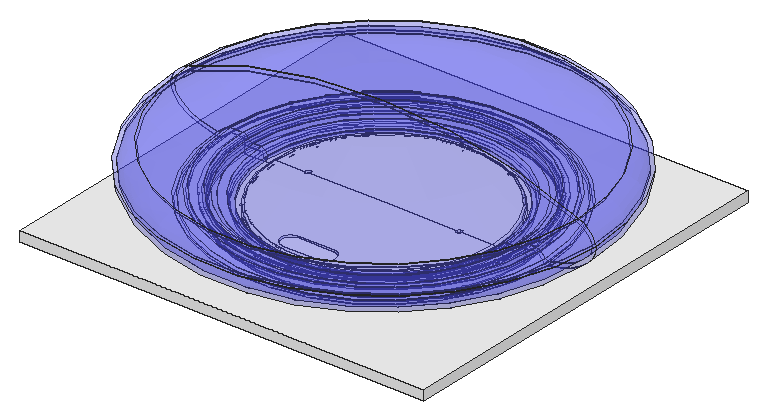
Revit family "BE_23414P_de_DE", category Leuchten, Revit 2020
Family settings
  Basisbauteil = Fläche
  Bemaßung runder Anschluss = Durchmesser verwenden
  Teiletyp = Normal
  Beim Laden mit Abzugskörper schneiden = Ja
  Lichtquelle = Ja
  Gemeinsam genutzt = Nein
  Raumberechnungspunkt = Ja
Parameters (values of type "BEGA_23414P_K3")
  built-in parameter 1150104 = 12.626 (stored number, unit not read)
  Wattage = 17.4 W
  Default Elevation = 0 mm
  built-in parameter 1150113 = 1 (stored number, unit not read)
  built-in parameter 1114218 = 1 (stored number, unit not read)
  Umgebungstemperatur = "25 °C"
  URL = "http://www.bega.de/de/produkt/23414P"
  Typenkommentare = "© 2022 BEGA. Wir behalten uns das Recht vor, technische Änderungen ohne vorherige Ankündigung vorzunehmen."  # constant formula
  built-in parameter 1150134 = 12
  built-in parameter 1150109 = 1 (stored number, unit not read)
  Strom = ""
  built-in parameter 1150110 = 1 (stored number, unit not read)
  Spannung = 239.996 V
  Sonderanfertigung = no
  Seriennummer [instance] = "Hier können Sie die eindeutige Seriennummer für das Facility Management eintragen."
  Schutzklasse = "I"
  Schutzart = "IP 20"
  Scheinlast = 0 VA
  Produktdatenblatt = "http://www.bega.de/download/Xrfa/db/23414P.db.de.pdf"
  Oberflächentemperatur = ""
  Neigungswinkel = 0.00°
  Model = "23414PK4"
  Material_17 = BEGA_Reflektor
  Material_15 = BEGA_Leuchtmedium_matt
  Material_14 = BEGA_Kunststoff_opal
  Material_11 = BEGA_Glas_opal
  Material_09 = BEGA_Glas_klar
  Material_06 = BEGA_Oberfläche_Edelstahl_gebürstet
  Material_05 = BEGA_Oberfläche_Aluminium Guss
  Material_03 = BEGA_Oberfläche_Weiss_matt
  Material_02 = BEGA_Oberfläche_Silber_matt
  Material_01 [instance] = BEGA_Oberfläche_Grafit_matt
  M_W = no
  M_G = no
  M_A = no
  Logo = 0
  built-in parameter 1114217 = 1 (stored number, unit not read)
  built-in parameter 1150139 = (empty or 0)
  built-in parameter 1150105 = 668.16 (stored number, unit not read)
  built-in parameter 1150114 = 1 (stored number, unit not read)
  Lumens = 2364.66 lm
  built-in parameter 1150115 = 1 (stored number, unit not read)
  Leuchtenlichtstrom = "1899 lm"
  Leuchtenanzahl = ""
  Lebensdauerkriterien = "L70B50 @ 25 °C = 325000 h"
  Lastklassifizierung = Beleuchtung
  built-in parameter 1150112 = 1 (stored number, unit not read)
  Lampenlichtstrom = "2230 lm"
  Lamp = "LED 17.4 W"
  LED_Modulbezeichnung = "LED-0530/940"
  built-in parameter 1150142 = (empty or 0)
  Hersteller = "BEGA"  # constant formula
  Halbstreuwinkel = ""
  Gewicht = "3.3 kg"
  Gebrauchslageneinschränkung [instance] = ""
  Frequenz = "0/50-60 Hz"
  Farbwiedergabeindex = "CRI > 90"
  Farbtemperaturverschiebung bei Dämpfen der Lampe = <Keine Auswahl>
  Farbtemperatur = "4000 K"
  Color Filter = 16777215
  built-in parameter 1150133 = 10 (stored number, unit not read)
  Energieeffizienzklasse = "LED A++ - A"
  built-in parameter 1150137 = (empty or 0)
  built-in parameter 1150132 = (empty or 0)
  ENEC = "ja"
  Dimmbar [instance] = ""
  Photometric Web File = "BE_23414PK4.IES"
  CE_Konformität = "ja"
  Bestellnummer = "23414PK4"
  Beschreibung_Sonderanfertigung = "Hier können Sie Informationen zur Sonderanfertigung eintragen."
  Beschreibung = "Decken- und Wandleuchte"
  built-in parameter 1150106 = 6.6816 (stored number, unit not read)
  Befestigungsbohrung = "Ø 5,5 mm"
  Befestigungsabstand = "185 mm"
  Ballwurfsicher = ""
  BEGA_Intern_aus = yes
  BEGA_Intern_an = yes
  BEGA_Intern_Konstruktion = yes
  BEGA_Intern = yes
  BEGA_IES = yes
  BEGA_Dummy = no
  Anschlussleitung = ""
  Anschlussleistung [instance] = "20 W"
  Anschlusskasten = ""
  built-in parameter 1150107 = 4000 (stored number, unit not read)
  built-in parameter 1150102 = (empty or 0)
  built-in parameter 1150138 = (empty or 0)
  Aktualisierung = "2019-07-05T04:00:16"
  Abstand_zur_angestrahlten_Fläche [instance] = ""
  AC/DC = "AC/DC"
Reference planes
  plane 1 "Mitte (Vorne/Hinten)": y = 0
  plane 2: z = 0
  plane 3 "Mitte (Links/Rechts)": x = 0
  plane 4 "Links": x = -210.215
  plane 5 "Rechts": x = 210.215
  plane 6 "Unten": y = -210.2
  plane 7 "Oben": y = 210.2
  plane 8 "Vorne": z = 97.74
  plane 9 "Hinten": z = 0
Forms (mm)
  Extrusion 1, solid, material "BEGA_Platte_Weiss"
    sketch origin (0, -1119.2, 0) x (1, 0, 0) y (0, 1, 0)
      loop
        line (-200, 1319.2) -> (-200, 919.2) -> (200, 919.2) -> (200, 1319.2) -> (-200, 1319.2)
    from 0 to -10
  Extrusion 2, solid, material "BEGA_Dummy_matt", visible <- "BEGA_Dummy"
    sketch origin (77.149, -76.023, 0) x (1, 0, 0) y (0, 1, 0)
      loop
        circle (-77.149, 76.023) r 210
    from 0 to 97.74
Dimensions and locks
  plane 1 "Mitte (Vorne/Hinten)" to Extrusion 1 = 200 mm
  aligned and locked: plane 2 to Extrusion 1
  aligned and locked: level to Extrusion 1
Nested families
  nested 1: "BE_23414P" at (0, 0, 0), type "BE_23414P"
Connectors
  electrical at (0, 0, 0), driven by "Lastklassifizierung", driven by "Spannung", driven by "Scheinlast"
    settings: index 1, voltage 239.996 V, apparent load 0 VA, apparent load phase1 0 VA, apparent load phase2 0 VA, apparent load phase3 0 VA, power factor 1, load classification "Beleuchtung", number of poles 1, system type 31, power factor state 1, is connector primary yes, connector utility no, sub classification motor no, connector description ""
Definition of nested family "BE_23414P"
  Parameters (values of type "BE_23414P")
    Default Elevation = 1 mm
    URL = "http://www.bega.de/de/produkt"
    Type Comments = "© 2015 BEGA. Wir behalten uns das Recht vor, technische Änderungen ohne vorherige Ankündigung vorzunehmen. "  # constant formula
    Type Image = (empty or 0)
    Neigungswinkel_um_Z2 = 0.00°
    Neigungswinkel_um_Z1 = 0.00°
    Neigungswinkel_um_Y2 = 0.00°
    Neigungswinkel_um_Y1 = 0.00°
    Neigungswinkel_um_X2 = 0.00°
    Neigungswinkel_um_X1 = 0.00°
    Material_17 = none
    Material_15 = none
    Material_14 = none
    Material_11 = none
    Material_09 = none
    Material_06 = none
    Material_05 = none
    Material_03 = none
    Material_02 = none
    Material_01 = none
    M_W = yes
    M_G = yes
    M_A = yes
    Länge_Platte = 500 mm  # constant formula
    Höhe_Platte = -10 mm  # constant formula
    Manufacturer = "BEGA"  # constant formula
    Drehwinkel_um_Z2 = 0.00°
    Drehwinkel_um_Z1 = 0.00°
    Breite_Platte = 500 mm  # constant formula
  Reference planes
    plane 1 "Mitte (Oben/Unten)": y = 0
    plane 2: z = 0
    plane 3 "Mitte (Links/Rechts)": x = 0
    plane 4: x = -210.215
    plane 5: z = 97.74
    plane 6: x = 210.215
    plane 7: y = -210.2
    plane 8: y = 210.2
  Forms (mm)
    Extrusion 1, solid, detail levels medium
      sketch origin (0, 0, 0) x (1, 0, 0) y (0, 1, 0)
        loop
          line (-250, 250) -> (-250, -250) -> (250, -250) -> (250, 250) -> (-250, 250)
      from 0 to -10 <- "Höhe_Platte"
    Revolve 2, solid, material <- "Material_03", detail levels medium+fine
      sketch origin (0, 0, 0) x (1, 0, 0) y (0, 0, 1)
        loop
          arc (-139.675, 3.433) -> (-139.066, 2.062) -> (-137.676, 1.5) r 2
          line (-137.676, 1.5) -> (-110.724, 1.5)
          arc (-110.724, 1.5) -> (-109.334, 2.062) -> (-108.725, 3.433) r 2
          line (-108.725, 3.433) -> (-108.652, 5.534)
          arc (-108.652, 5.534) -> (-108.352, 6.215) -> (-107.665, 6.5) r 1
          line (-107.665, 6.5) -> (0, 6.5) -> (0, 7.75) -> (-107.894, 7.75)
          arc (-107.894, 7.75) -> (-109.284, 7.188) -> (-109.893, 5.817) r 2
          line (-109.893, 5.817) -> (-109.966, 3.713)
          arc (-109.966, 3.713) -> (-110.272, 3.03) -> (-110.966, 2.75) r 1
          line (-110.966, 2.75) -> (-137.434, 2.75)
          arc (-137.434, 2.75) -> (-138.129, 3.031) -> (-138.434, 3.716) r 1
          line (-138.434, 3.716) -> (-138.813, 14.567)
          arc (-138.813, 14.567) -> (-139.415, 15.932) -> (-140.794, 16.5) r 2
          line (-140.794, 16.5) -> (-144, 16.5) -> (-143.976, 15.25) -> (-140.811, 15.25)
          arc (-140.811, 15.25) -> (-140.291, 15.04) -> (-140.062, 14.526) r 0.75
          line (-140.062, 14.526) -> (-139.675, 3.433)
        axis (0, 1.5) -> (0, 16.5)
      angle from 0 to 360
    Revolve 3, solid, material <- "Material_03", detail levels medium+fine
      sketch origin (58.505, 36.446, 0) x (0.573577, -0.819152, 0) y (0, 0, 1)
        loop
          arc (-108.84, 2.037) -> (-105.568, 0.52) -> (-102, 0) r 12.498
          line (-102, 0) -> (-102, 2.037) -> (-108.84, 2.037)
        axis (-102, 0) -> (-102, 2.037)
      angle from 0 to 360
    Extrusion 4, void
      sketch origin (0, 0, 0) x (1, 0, 0) y (0, 1, 0)
        loop
          line (17, -83) -> (-17, -83)
          arc (-17, -83) -> (-27, -93) -> (-17, -103) r 10
          line (-17, -103) -> (17, -103)
          arc (17, -103) -> (27, -93) -> (17, -83) r 10
        loop
          circle (75, 0) r 2.75
        loop
          circle (-75, 0) r 2.75
      from 0 to 10
    Revolve 5, solid, material <- "Material_14", detail levels medium+fine
      sketch origin (0, 0, 0) x (1, 0, 0) y (0, 0, 1)
        loop
          spline (0, 97.74) -> (-16.977, 97.476) -> (-33.914, 96.685) -> (-50.773, 95.367) -> (-67.514, 93.528) -> (-84.099, 91.17) -> (-100.489, 88.3) -> (-116.646, 84.923) -> (-132.533, 81.048) -> (-148.112, 76.683) -> (-163.349, 71.839) -> (-178.207, 66.528) -> (-192.652, 60.76)
          spline (-192.652, 60.76) -> (-195.132, 59.634) -> (-197.461, 58.406) -> (-199.626, 57.083) -> (-201.618, 55.673) -> (-203.424, 54.183) -> (-205.035, 52.621) -> (-206.443, 50.994) -> (-207.641, 49.312) -> (-208.621, 47.584) -> (-209.38, 45.818) -> (-209.912, 44.024) -> (-210.215, 42.211)
          spline (-210.215, 42.211) -> (-210.188, 38.414) -> (-209.323, 34.644) -> (-207.632, 30.95) -> (-205.135, 27.379) -> (-201.867, 23.977) -> (-197.867, 20.789) -> (-193.19, 17.856) -> (-187.893, 15.215) -> (-182.047, 12.901) -> (-175.727, 10.943) -> (-169.014, 9.367) -> (-161.994, 8.193)
          arc (-161.994, 8.193) -> (-160.626, 8.319) -> (-159.458, 9.042) r 3
          line (-159.458, 9.042) -> (-152.885, 15.615)
          arc (-152.885, 15.615) -> (-151.912, 16.269) -> (-150.763, 16.5) r 3
          line (-150.763, 16.5) -> (-138.5, 16.5)
          arc (-138.5, 16.5) -> (-137.439, 16.061) -> (-137, 15) r 1.5
          line (-137, 15) -> (-137, 11.5)
          arc (-137, 11.5) -> (-136.561, 10.439) -> (-135.5, 10) r 1.5
          line (-135.5, 10) -> (-120.5, 10)
          arc (-120.5, 10) -> (-119.439, 9.561) -> (-119, 8.5) r 1.5
          line (-119, 8.5) -> (-119, 4.5) -> (-115, 4.5) -> (-115, 8.172)
          arc (-115, 8.172) -> (-116.816, 12.303) -> (-120.998, 14) r 6
          line (-120.998, 14) -> (-128.97, 14)
          arc (-128.97, 14) -> (-131.686, 14.806) -> (-133.527, 16.959) r 5
          arc (-133.527, 16.959) -> (-135.741, 19.538) -> (-139, 20.5) r 6
          line (-139, 20.5) -> (-151.596, 20.5)
          arc (-151.596, 20.5) -> (-153.51, 20.115) -> (-155.13, 19.027) r 5
          line (-155.13, 19.027) -> (-160.14, 14.016)
          arc (-160.14, 14.016) -> (-161.765, 12.927) -> (-163.684, 12.544) r 5
          spline (-163.684, 12.544) -> (-170.174, 13.748) -> (-176.352, 15.313) -> (-182.13, 17.213) -> (-187.422, 19.419) -> (-192.159, 21.886) -> (-196.273, 24.562) -> (-199.703, 27.395) -> (-202.414, 30.315) -> (-204.396, 33.254) -> (-205.665, 36.154) -> (-206.267, 38.995) -> (-206.237, 41.8)
          spline (-206.237, 41.8) -> (-206.016, 43.122) -> (-205.62, 44.455) -> (-205.04, 45.802) -> (-204.268, 47.16) -> (-203.3, 48.52) -> (-202.13, 49.87) -> (-200.759, 51.2) -> (-199.189, 52.494) -> (-197.429, 53.741) -> (-195.487, 54.927) -> (-193.372, 56.041) -> (-191.1, 57.074)
          spline (-191.1, 57.074) -> (-176.778, 62.792) -> (-162.045, 68.058) -> (-146.934, 72.86) -> (-131.482, 77.188) -> (-115.724, 81.03) -> (-99.696, 84.379) -> (-83.437, 87.225) -> (-66.983, 89.563) -> (-50.374, 91.387) -> (-33.648, 92.693) -> (-16.843, 93.478) -> (0, 93.74)
          line (0, 93.74) -> (0, 97.74)
        axis (0, 97.74) -> (0, 4.5)
      angle from 0 to 360
    Revolve 6, solid, material <- "Material_03", detail levels medium+fine
      sketch origin (36.446, -58.505, 0) x (-0.819152, -0.573577, 0) y (0, 0, 1)
        loop
          arc (-108.84, 2.037) -> (-105.568, 0.52) -> (-102, 0) r 12.498
          line (-102, 0) -> (-102, 2.037) -> (-108.84, 2.037)
        axis (-102, 0) -> (-102, 2.037)
      angle from 0 to 360
    Revolve 7, solid, material <- "Material_03", detail levels medium+fine
      sketch origin (-36.446, 58.505, 0) x (0.819152, 0.573577, 0) y (0, 0, 1)
        loop
          arc (-108.84, 2.037) -> (-105.568, 0.52) -> (-102, 0) r 12.498
          line (-102, 0) -> (-102, 2.037) -> (-108.84, 2.037)
        axis (-102, 0) -> (-102, 2.037)
      angle from 0 to 360
    Revolve 8, solid, material <- "Material_03", detail levels medium+fine
      sketch origin (-58.505, -36.446, 0) x (-0.573577, 0.819152, 0) y (0, 0, 1)
        loop
          arc (-108.84, 2.037) -> (-105.568, 0.52) -> (-102, 0) r 12.498
          line (-102, 0) -> (-102, 2.037) -> (-108.84, 2.037)
        axis (-102, 0) -> (-102, 2.037)
      angle from 0 to 360
  Cuts and joins
    Extrusion 4 cuts Revolve 2
    joined: Revolve 2, Revolve 3, Revolve 6, Revolve 7, Revolve 8
  Dimensions and locks
    equal spacing: Extrusion 1 sketch curve, plane 3 "Mitte (Links/Rechts)", Extrusion 1 sketch curve
    equal spacing: Extrusion 1 sketch curve, plane 1 "Mitte (Oben/Unten)", Extrusion 1 sketch curve
    "Länge_Platte": Extrusion 1 sketch curve to Extrusion 1 sketch curve
    "Breite_Platte": Extrusion 1 sketch curve to Extrusion 1 sketch curve
    aligned and locked: Extrusion 1 to plane 2
    aligned and locked: level to Extrusion 1
  Automatic sketch dimensions
    Revolve 2 sketch curve to plane 3 "Mitte (Links/Rechts)" = 0 mm  (x2)
    level to Revolve 2 sketch curve = 2.75 mm
    Revolve 2 sketch curve to Revolve 2 sketch curve = 0.241 mm  (x3)
    level to Revolve 2 sketch curve = 3.716 mm
    Revolve 2 sketch curve to Revolve 2 sketch curve = 0.758 mm
    level to Revolve 2 sketch curve = 14.567 mm
    Revolve 2 sketch curve to Revolve 2 sketch curve = 0.379 mm
    level to Revolve 2 sketch curve = 3.433 mm  (x2)
    Revolve 2 sketch curve to Revolve 2 sketch curve = 1.241 mm  (x2)
    level to Revolve 2 sketch curve = 14.526 mm
    Revolve 2 sketch curve to Revolve 2 sketch curve = 1.249 mm
    Revolve 2 sketch curve to Revolve 2 sketch curve = 0.732 mm
    Revolve 2 sketch curve to Revolve 2 sketch curve = 0.749 mm
    Revolve 2 sketch curve to Revolve 2 sketch curve = 0 mm  (x3)
    Revolve 2 sketch curve to Revolve 2 sketch curve = 3.165 mm
    level to Revolve 2 sketch curve = 1.5 mm
    Revolve 2 sketch curve to Revolve 2 sketch curve = 0.026 mm
    Revolve 2 sketch curve to Revolve 2 sketch curve = 1.347 mm
    Revolve 2 sketch curve to Revolve 2 sketch curve = 1.25 mm
    Revolve 2 sketch curve to Revolve 2 sketch curve = 0.23 mm  (x2)
    Revolve 2 sketch curve to Revolve 2 sketch curve = 26.71 mm
    level to Revolve 2 sketch curve = 5.534 mm
    Revolve 2 sketch curve to Revolve 2 sketch curve = 0.988 mm
    Revolve 2 sketch curve to Revolve 2 sketch curve = 0.034 mm
    Revolve 2 sketch curve to Revolve 2 sketch curve = 0.073 mm
    Revolve 2 sketch curve to Revolve 2 sketch curve = 0.012 mm
    level to Revolve 2 sketch curve = 5.817 mm
    Revolve 2 sketch curve to Revolve 2 sketch curve = 2.228 mm
    Revolve 2 sketch curve to Revolve 2 sketch curve = 0.25 mm  (x2)
    level to Revolve 2 sketch curve = 3.713 mm
    Revolve 2 sketch curve to Revolve 2 sketch curve = 0.999 mm
    Revolve 2 sketch curve to Revolve 2 sketch curve = 0.024 mm
    Revolve 3 sketch curve to Revolve 3 sketch curve = 6.839 mm
    Revolve 3 sketch curve to Revolve 3 sketch curve = 6.84 mm
    Revolve 3 sketch curve to Revolve 3 sketch curve = 0 mm
    Revolve 3 sketch curve to Revolve 3 sketch curve = 0.59 mm
    Revolve 3 sketch curve to Revolve 3 sketch curve = 1.463 mm
    Revolve 3 sketch curve to Revolve 3 sketch curve = 2.037 mm
    Revolve 5 sketch curve to Revolve 5 sketch curve = 0 mm  (x20)
    Revolve 5 sketch curve to Revolve 5 sketch curve = 2.105 mm
    Revolve 5 sketch curve to Revolve 5 sketch curve = 1.438 mm
    Revolve 5 sketch curve to Revolve 5 sketch curve = 5.01 mm
    Revolve 5 sketch curve to Revolve 5 sketch curve = 2.245 mm
    Revolve 5 sketch curve to Revolve 5 sketch curve = 3.534 mm
    Revolve 5 sketch curve to Revolve 5 sketch curve = 1.299 mm
    Revolve 5 sketch curve to Revolve 5 sketch curve = 0.822 mm
    Revolve 5 sketch curve to Revolve 5 sketch curve = 0.828 mm
    Revolve 5 sketch curve to Revolve 5 sketch curve = 11.763 mm
    Revolve 5 sketch curve to Revolve 5 sketch curve = 0.5 mm  (x3)
    Revolve 5 sketch curve to Revolve 5 sketch curve = 3.5 mm  (x2)
    Revolve 5 sketch curve to Revolve 5 sketch curve = 6.53 mm
    Revolve 5 sketch curve to Revolve 5 sketch curve = 0.007 mm
    Revolve 5 sketch curve to Revolve 5 sketch curve = 7.972 mm
    Revolve 5 sketch curve to Revolve 5 sketch curve = 0.498 mm
    Revolve 5 sketch curve to Revolve 5 sketch curve = 1.998 mm
    Revolve 5 sketch curve to Revolve 5 sketch curve = 4 mm  (x2)
    Revolve 5 sketch curve to plane 3 "Mitte (Links/Rechts)" = 0 mm
    level to Revolve 5 sketch curve = 4.5 mm
    Revolve 5 sketch curve to Revolve 5 sketch curve = 3.672 mm
    level to Revolve 5 sketch curve = 11.164 mm
    Revolve 5 sketch curve to Revolve 5 sketch curve = 2.5 mm
    Revolve 5 sketch curve to Revolve 5 sketch curve = 1.38 mm
    Revolve 5 sketch curve to Revolve 5 sketch curve = 2.336 mm
    Revolve 5 sketch curve to Revolve 5 sketch curve = 2.853 mm
    Revolve 5 sketch curve to Revolve 5 sketch curve = 3 mm
    Revolve 5 sketch curve to Revolve 5 sketch curve = 2 mm
    Revolve 5 sketch curve to Revolve 5 sketch curve = 0.115 mm
    Revolve 5 sketch curve to Revolve 5 sketch curve = 5 mm
    Revolve 5 sketch curve to Revolve 5 sketch curve = 3.412 mm
    level to Revolve 5 sketch curve = 41.8 mm
    Revolve 5 sketch curve to Revolve 5 sketch curve = 15.274 mm
    Revolve 5 sketch curve to Revolve 5 sketch curve = 3.979 mm
    Revolve 5 sketch curve to Revolve 5 sketch curve = 0.076 mm
    Revolve 5 sketch curve to Revolve 5 sketch curve = 0.015 mm
    Revolve 5 sketch curve to level = 131.225 mm
    Revolve 5 sketch curve to Revolve 5 sketch curve = 138.928 mm
    Revolve 5 sketch curve to Revolve 5 sketch curve = 3.547 mm
    Revolve 5 sketch curve to Revolve 5 sketch curve = 1.552 mm
    Revolve 5 sketch curve to Revolve 5 sketch curve = 0.415 mm
    Revolve 5 sketch curve to Revolve 5 sketch curve = 2.537 mm
    Revolve 5 sketch curve to Revolve 5 sketch curve = 6.295 mm
    Revolve 5 sketch curve to Revolve 5 sketch curve = 1.5 mm  (x2)
    Revolve 5 sketch curve to plane 3 "Mitte (Links/Rechts)" = 0.001 mm
    Revolve 5 sketch curve to Revolve 5 sketch curve = 0.969 mm
    Revolve 5 sketch curve to Revolve 5 sketch curve = 2.971 mm
    Revolve 5 sketch curve to Revolve 5 sketch curve = 1.39 mm
    Revolve 2 sketch curve to plane 3 "Mitte (Links/Rechts)" = 107.653 mm
    Revolve 5 sketch curve to plane 3 "Mitte (Links/Rechts)" = 115 mm
    Revolve 5 sketch curve to Revolve 5 sketch curve = 27.416 mm
    Revolve 5 sketch curve to Revolve 5 sketch curve = 15.137 mm
    Revolve 5 sketch curve to Revolve 5 sketch curve = 21.292 mm
    level to Revolve 5 sketch curve = 93.74 mm
    Revolve 5 sketch curve to Revolve 5 sketch curve = 17.139 mm
    plane 1 "Mitte (Oben/Unten)" to Extrusion 4 sketch curve = 0 mm  (x2)
    Extrusion 4 sketch curve to plane 3 "Mitte (Links/Rechts)" = 75 mm
    Extrusion 4 sketch curve to plane 3 "Mitte (Links/Rechts)" = 17 mm
    plane 3 "Mitte (Links/Rechts)" to Extrusion 4 sketch curve = 17 mm
    plane 3 "Mitte (Links/Rechts)" to Extrusion 4 sketch curve = 75 mm
    plane 1 "Mitte (Oben/Unten)" to Extrusion 4 sketch curve = 83 mm
    Extrusion 4 sketch curve to Extrusion 4 sketch curve = 10 mm
    Revolve 6 sketch curve to Revolve 6 sketch curve = 6.839 mm
    Revolve 6 sketch curve to Revolve 6 sketch curve = 6.84 mm
    Revolve 6 sketch curve to Revolve 6 sketch curve = 0 mm
    Revolve 6 sketch curve to Revolve 6 sketch curve = 0.59 mm
    Revolve 6 sketch curve to Revolve 6 sketch curve = 1.463 mm
    Revolve 6 sketch curve to Revolve 6 sketch curve = 2.037 mm
    Revolve 7 sketch curve to Revolve 7 sketch curve = 6.839 mm
    Revolve 7 sketch curve to Revolve 7 sketch curve = 6.84 mm
    Revolve 7 sketch curve to Revolve 7 sketch curve = 0 mm
    Revolve 7 sketch curve to Revolve 7 sketch curve = 0.59 mm
    Revolve 7 sketch curve to Revolve 7 sketch curve = 1.463 mm
    Revolve 7 sketch curve to Revolve 7 sketch curve = 2.037 mm
    Revolve 8 sketch curve to Revolve 8 sketch curve = 6.839 mm
    Revolve 8 sketch curve to Revolve 8 sketch curve = 6.84 mm
    Revolve 8 sketch curve to Revolve 8 sketch curve = 0 mm
    Revolve 8 sketch curve to Revolve 8 sketch curve = 0.59 mm
    Revolve 8 sketch curve to Revolve 8 sketch curve = 1.463 mm
    Revolve 8 sketch curve to Revolve 8 sketch curve = 2.037 mm
    Revolve 3 sketch curve to level = 0 mm
    level to Revolve 6 sketch curve = 0 mm
    Revolve 7 sketch curve to level = 0 mm
    level to Revolve 8 sketch curve = 0 mm
    radius of Extrusion 4 sketch curve = 2.75 mm  (x2)
